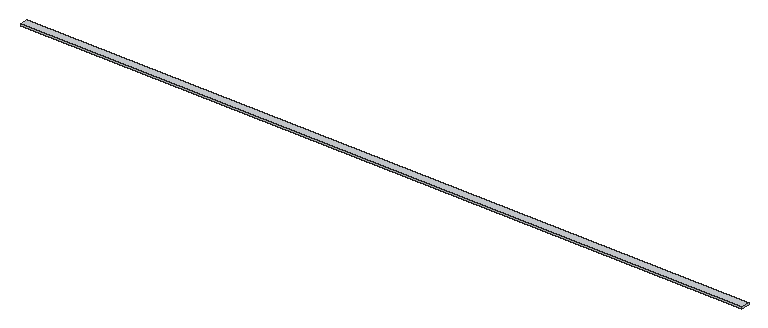
Revit family "BRILLOSA DINAMICA 48V RGB_SL4814W.RGB", category Luminarias, Revit 2019
Family settings
  Cota de conector redondo = Diámetro de uso
  Tipo de pieza = Normal
  Se basa en plano de trabajo = Sí
  Siempre vertical = No
  Corte con vacíos al cargar = No
  Origen de luz = Sí
  Compartido = No
  Punto de cálculo de habitación = No
Parameters (values of type "BRILLOSA DINAMICA 48V RGB_SL4814W.RGB")
  Zone [instance] = ""
  Watt per fixture [instance] = (Longitud / 1000 mm) * (15)  # 15
  Wattage = 15 W
  built-in parameter 1150107 = 3000 (stored number, unit not read)
  Light Source Symbol Size = 609.6 mm
  built-in parameter 1150110 = 1 (stored number, unit not read)
  built-in parameter 1150109 = 1 (stored number, unit not read)
  built-in parameter 1150112 = 1 (stored number, unit not read)
  built-in parameter 1150113 = 1 (stored number, unit not read)
  built-in parameter 1114218 = 1 (stored number, unit not read)
  built-in parameter 1150137 = (empty or 0)
  built-in parameter 1150132 = (empty or 0)
  Modelo Lampara = "5050 SMD"
  Modelo = "SL4814W.RGB"
  Marca = "BRILLANT"
  Longitud de línea de emisión = 600 mm
  Longitud [instance] = 1000 mm
  built-in parameter 1150105 = 1432.4 (stored number, unit not read)
  built-in parameter 1150102 = (empty or 0)
  built-in parameter 1150106 = 14.324 (stored number, unit not read)
  Lumens = 4500 lm
  Color Filter = 16777215
  built-in parameter 1114217 = 1 (stored number, unit not read)
  built-in parameter 1150139 = (empty or 0)
  Fabricante = "BRILLANT"
  Default Elevation = 0 mm
  built-in parameter 1150104 = 27.871 (stored number, unit not read)
  Descripción = "TIRA BRILLOSA DINAMICA RGB DE UN MATERIAL PCB BLANCO MONTADA EN UNA CINTA ADHERIBLE 3M, CON UNA POTENCIA DE 15W/M DE UN TIPO DE LED 5050 SMD, USO PARA EXTERIORES IP20, 300 LUMENES POR METRO, PRESENTACION DE 40M, CORTE 16.6CM, AMPERAJE 0.28A, ALIMENTADO A 48V, REQUIERE ACCESORIOS."
  built-in parameter 1150115 = 1 (stored number, unit not read)
  built-in parameter 1150114 = 1 (stored number, unit not read)
  Comentarios de vataje = "48"
  built-in parameter 1150138 = (empty or 0)
  built-in parameter 1150134 = (empty or 0)
  Circuit [instance] = ""
  Dimming Lamp Color Temperature Shift = (empty or 0)
  built-in parameter 1150133 = 10 (stored number, unit not read)
Reference planes
  plane 1 "Centro (Frontal/Posterior)": y = 0
  plane 2: z = 0
  plane 3 "Centro (Izquierda/Derecha)": x = 0
  plane 4 "IZQ": x = -1000
  plane 5: z = 2.438
Forms (mm)
  Extrusion 1, solid
    sketch origin (0, 0, 0) x (1, 0, 0) y (0, 1, 0)
      loop
        line (-1000, 6) -> (-1000, -6) -> (0, -6) -> (0, 6) -> (-1000, 6)
    from 0 to 2.438
Dimensions and locks
  plane 5 to imposter light = 2.438 mm
  "Longitud": plane 4 "IZQ" to plane 3 "Centro (Izquierda/Derecha)"
  aligned and locked: level to plane 2
  aligned and locked: plane 4 "IZQ" to Extrusion 1
  aligned and locked: plane 5 to Extrusion 1
Automatic sketch dimensions
  Extrusion 1 sketch curve to plane 4 "IZQ" = 0 mm
  Extrusion 1 sketch curve to plane 3 "Centro (Izquierda/Derecha)" = 0 mm
  plane 1 "Centro (Frontal/Posterior)" to Extrusion 1 sketch curve = 6 mm
  Extrusion 1 sketch curve to plane 1 "Centro (Frontal/Posterior)" = 6 mm
Connectors
  electrical at (0, 0, 1.219)
    settings: on Extrusion 1, index 1, voltage 48 V, apparent load 0 VA, apparent load phase1 0 VA, apparent load phase2 0 VA, apparent load phase3 0 VA, power factor 1, load classification "Otro", number of poles 1, system type 31, power factor state 1, is connector primary yes, connector utility no, sub classification motor no, connector description ""
